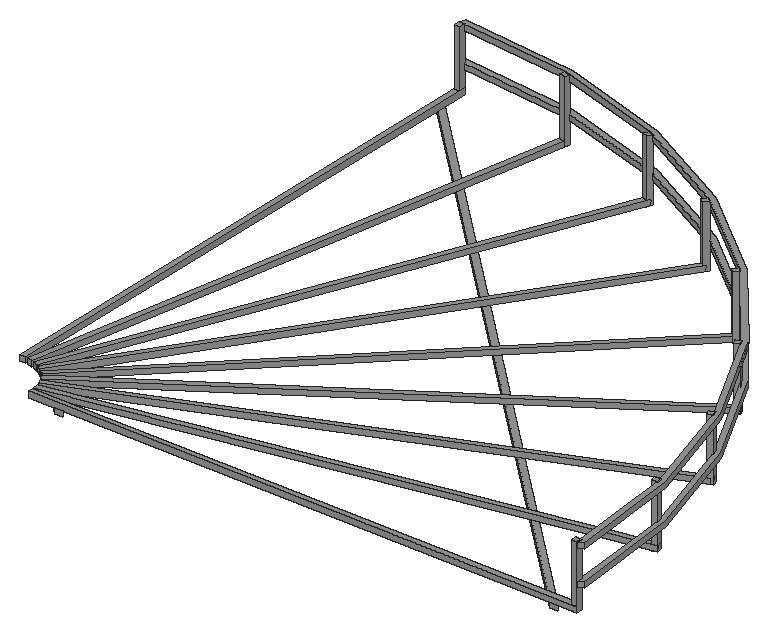
Revit family "Gitterinnenbogen 90 550", category Generic Models, Revit 2015
Parameters (values of type "GRB 90 550 G")
  URL = "http://www.obo-bettermann.com"
  Material = Steel, Galvanized
  Manufacturer Art.No. = "6001963"
  Manufacturer = "OBO Bettermann"
  GTIN = "4012196352876"
  Article Type = "GRB 90 550 G"
Types (3, lengths in mm): name | Material | Manufacturer Art.No. | GTIN | Article Type
  (no name) | Steel, Galvanized | "6001963" | "4012196352876" | "GRB 90 550 G"
  GRB 90 550 G | Steel, Galvanized | "6001963" | "4012196352876" | "GRB 90 550 G"
  GRB 90 550 FT | Steel | "6002250" | "4012196001934" | "GRB 90 550 FT"
Reference planes
  plane 1 "Center (Front/Back)": y = 0
  plane 2: z = 0
  plane 3 "Center (Left/Right)": x = 0
  plane 4: z = 4.7
  plane 5: z = -4.7
  plane 6: z = 19.4
  plane 7: z = 24.1
  plane 8: z = 49.4
  plane 9: z = 54.1
Forms (mm)
  Extrusion 1, solid, material "Steel, Galvanized" <- "Material"
    sketch origin (0, 0, 0) x (1, 0, 0) y (0, 1, 0)
      loop
        line (2.35, 33) -> (2.35, 503.5) -> (-2.35, 503.5) -> (-2.35, 33) -> (2.35, 33)
    from 0 to 4.7
  Extrusion 2, solid, material "Steel, Galvanized" <- "Material"
    sketch origin (0, 0, 0) x (1, 0, 0) y (0, 1, 0)
      loop
        line (1.139, 17.773) -> (5.749, 16.856) -> (100.533, 493.367) -> (95.923, 494.284) -> (1.139, 17.773)
    from 0 to 4.7
  Extrusion 3, solid, material "Steel, Galvanized" <- "Material"
    sketch origin (0, 0, 0) x (1, 0, 0) y (0, 1, 0)
      loop
        line (1.749, 10.099) -> (6.091, 8.301) -> (194.945, 464.236) -> (190.603, 466.034) -> (1.749, 10.099)
    from 0 to 4.7
  Extrusion 4, solid, material "Steel, Galvanized" <- "Material"
    sketch origin (0, 0, 0) x (1, 0, 0) y (0, 1, 0)
      loop
        line (6.38, 13.778) -> (10.288, 11.166) -> (281.684, 417.339) -> (277.776, 419.951) -> (6.38, 13.778)
    from 0 to 4.7
  Extrusion 5, solid, material "Steel, Galvanized" <- "Material"
    sketch origin (0, 0, 0) x (1, 0, 0) y (0, 1, 0)
      loop
        line (12.48, 15.804) -> (15.804, 12.48) -> (357.69, 354.367) -> (354.367, 357.69) -> (12.48, 15.804)
    from 0 to 4.7
  Extrusion 6, solid, material "Steel, Galvanized" <- "Material"
    sketch origin (0, 0, 0) x (1, 0, 0) y (0, 1, 0)
      loop
        line (15.324, 13.065) -> (17.935, 9.157) -> (419.951, 277.776) -> (417.339, 281.684) -> (15.324, 13.065)
    from 0 to 4.7
  Extrusion 7, solid, material "Steel, Galvanized" <- "Material"
    sketch origin (0, 0, 0) x (1, 0, 0) y (0, 1, 0)
      loop
        line (19.377, 5.483) -> (466.073, 190.51) -> (464.274, 194.852) -> (17.578, 9.825) -> (19.377, 5.483)
    from 0 to 4.7
  Extrusion 8, solid, material "Steel, Galvanized" <- "Material"
    sketch origin (0, 0, 0) x (1, 0, 0) y (0, 1, 0)
      loop
        line (19.157, 6.207) -> (20.074, 1.597) -> (494.284, 95.923) -> (493.367, 100.533) -> (19.157, 6.207)
    from 0 to 4.7
  Extrusion 9, solid, material "Steel, Galvanized" <- "Material"
    sketch origin (0, 0, 0) x (1, 0, 0) y (0, 1, 0)
      loop
        line (20, 2.35) -> (20, -2.35) -> (503.5, -2.35) -> (503.5, 2.35) -> (20, 2.35)
    from 0 to 4.7
  Extrusion 10, void
    sketch origin (0, 0, 0) x (1, 0, 0) y (0, 1, 0)
      loop
        circle (0, 0) r 33
    from 0 to 4.7
  Extrusion 11, solid, material "Steel, Galvanized" <- "Material"
    sketch origin (0, 0, 0) x (1, 0, 0) y (0, 1, 0)
      loop
        line (-2.35, 55.595) -> (55.595, -2.35) -> (62.242, -2.35) -> (-2.35, 62.242) -> (-2.35, 55.595)
      loop
        line (-2.35, 479.859) -> (479.859, -2.35) -> (486.506, -2.35) -> (-2.35, 486.506) -> (-2.35, 479.859)
    from -4.7 to 0
  Extrusion 12, solid, material "Steel, Galvanized" <- "Material"
    sketch origin (0, 0, 0) x (1, 0, 0) y (0, 1, 0)
      loop
        arc (-2.35, 503.495) -> (356.028, 356.028) -> (503.495, -2.35) r 503.5
        line (503.495, -2.35) -> (508.2, 0)
        arc (508.2, 0) -> (359.352, 359.352) -> (0, 508.2) r 508.2
        line (0, 508.2) -> (-2.35, 503.495)
    from 19.4 to 24.1
  Extrusion 13, solid, material "Steel, Galvanized" <- "Material"
    sketch origin (0, 0, 0) x (1, 0, 0) y (0, 1, 0)
      loop
        arc (-2.35, 503.495) -> (356.028, 356.028) -> (503.495, -2.35) r 503.5
        line (503.495, -2.35) -> (508.2, 0)
        arc (508.2, 0) -> (359.352, 359.352) -> (0, 508.2) r 508.2
        line (0, 508.2) -> (-2.35, 503.495)
    from 49.4 to 54.1
  Extrusion 14, solid, material "Steel, Galvanized" <- "Material"
    sketch origin (0, 0, 0) x (1, 0, 0) y (0, 1, 0)
      loop
        line (-2.35, 503.5) -> (-2.35, 498.8) -> (2.35, 498.8) -> (2.35, 503.5) -> (-2.35, 503.5)
      loop
        line (95.923, 494.284) -> (95.006, 489.674) -> (99.616, 488.757) -> (100.533, 493.367) -> (95.923, 494.284)
      loop
        line (190.603, 466.034) -> (188.804, 461.692) -> (193.147, 459.893) -> (194.945, 464.236) -> (190.603, 466.034)
      loop
        line (277.776, 419.951) -> (275.164, 416.043) -> (279.072, 413.431) -> (281.684, 417.339) -> (277.776, 419.951)
      loop
        line (354.367, 357.69) -> (351.043, 354.367) -> (354.367, 351.043) -> (357.69, 354.367) -> (354.367, 357.69)
      loop
        line (417.339, 281.684) -> (413.431, 279.072) -> (416.043, 275.164) -> (419.951, 277.776) -> (417.339, 281.684)
      loop
        line (464.274, 194.852) -> (459.932, 193.054) -> (461.73, 188.711) -> (466.073, 190.51) -> (464.274, 194.852)
      loop
        line (493.367, 100.533) -> (488.757, 99.616) -> (489.674, 95.006) -> (494.284, 95.923) -> (493.367, 100.533)
      loop
        line (503.5, -2.35) -> (503.5, 2.35) -> (498.8, 2.35) -> (498.8, -2.35) -> (503.5, -2.35)
    from 0 to 54.1
Cuts and joins
  Extrusion 10 cuts Extrusion 2
  Extrusion 10 cuts Extrusion 3
  Extrusion 10 cuts Extrusion 4
  Extrusion 10 cuts Extrusion 5
  Extrusion 10 cuts Extrusion 6
  Extrusion 10 cuts Extrusion 7
  Extrusion 10 cuts Extrusion 8
  Extrusion 10 cuts Extrusion 9
Dimensions and locks
  locked: plane 4 to level at 4.7
  locked: plane 1 "Center (Front/Back)" to Extrusion 1 sketch curve at 33
  locked: Extrusion 1 sketch curve to Extrusion 1 sketch curve at 470.5
  locked: Extrusion 1 sketch curve to Extrusion 1 sketch curve at 4.7
  locked: Extrusion 1 sketch curve to plane 3 "Center (Left/Right)" at 2.35
  plane 3 "Center (Left/Right)" to Extrusion 1 = 2.35 mm
  locked: Extrusion 2 sketch curve to Extrusion 2 sketch curve at 4.7
  locked: plane 3 "Center (Left/Right)" to Extrusion 2 sketch curve at 17.654
  locked: plane 3 "Center (Left/Right)" to Extrusion 2 sketch curve at 503.5
  locked: Extrusion 3 sketch curve to Extrusion 3 sketch curve at 4.7
  locked: plane 3 "Center (Left/Right)" to Extrusion 3 sketch curve at 10
  locked: Extrusion 3 sketch curve to plane 3 "Center (Left/Right)" at 503.5
  locked: Extrusion 4 sketch curve to Extrusion 4 sketch curve at 4.7
  locked: plane 3 "Center (Left/Right)" to Extrusion 4 sketch curve at 15
  locked: Extrusion 4 sketch curve to plane 3 "Center (Left/Right)" at 503.5
  locked: Extrusion 5 sketch curve to Extrusion 5 sketch curve at 4.7
  locked: plane 3 "Center (Left/Right)" to Extrusion 5 sketch curve at 20
  locked: Extrusion 5 sketch curve to plane 3 "Center (Left/Right)" at 503.5
  locked: Extrusion 6 sketch curve to Extrusion 6 sketch curve at 4.7
  locked: plane 3 "Center (Left/Right)" to Extrusion 6 sketch curve at 20
  locked: Extrusion 6 sketch curve to plane 3 "Center (Left/Right)" at 503.5
  locked: Extrusion 7 sketch curve to Extrusion 7 sketch curve at 4.7
  locked: Extrusion 7 sketch curve to plane 3 "Center (Left/Right)" at 20
  locked: plane 3 "Center (Left/Right)" to Extrusion 7 sketch curve at 503.5
  locked: Extrusion 8 sketch curve to Extrusion 8 sketch curve at 4.7
  locked: plane 3 "Center (Left/Right)" to Extrusion 8 sketch curve at 20
  locked: Extrusion 8 sketch curve to plane 3 "Center (Left/Right)" at 503.5
  locked: Extrusion 9 sketch curve to Extrusion 9 sketch curve at 4.7
  locked: plane 1 "Center (Front/Back)" to Extrusion 9 sketch curve at 2.35
  locked: plane 3 "Center (Left/Right)" to Extrusion 9 sketch curve at 20
  locked: plane 3 "Center (Left/Right)" to Extrusion 9 sketch curve at 503.5
  locked: Extrusion 11 sketch curve to Extrusion 11 sketch curve at 4.7  (x2)
  locked: level to plane 5 at 4.7
  locked: Extrusion 11 sketch curve to Extrusion 11 sketch curve at 295.3
  locked: plane 3 "Center (Left/Right)" to Extrusion 11 sketch curve at 37.65
  locked: plane 7 to plane 6 at 4.7
  locked: plane 6 to level at 19.4
  locked: plane 8 to plane 7 at 25.3
  locked: plane 9 to plane 8 at 4.7
  Extrusion 1 to Extrusion 14 sketch curve = 4.7 mm
  locked: cut or joined group of Extrusion 2, Extrusion 10 to Extrusion 14 sketch curve at 4.7
  locked: cut or joined group of Extrusion 3, Extrusion 10 to Extrusion 14 sketch curve at 4.7
  locked: cut or joined group of Extrusion 4, Extrusion 10 to Extrusion 14 sketch curve at 4.7
  locked: cut or joined group of Extrusion 5, Extrusion 10 to Extrusion 14 sketch curve at 4.7
  locked: cut or joined group of Extrusion 6, Extrusion 10 to Extrusion 14 sketch curve at 4.7
  locked: cut or joined group of Extrusion 7, Extrusion 10 to Extrusion 14 sketch curve at 4.7
  locked: cut or joined group of Extrusion 8, Extrusion 10 to Extrusion 14 sketch curve at 4.7
  locked: Extrusion 14 sketch curve to cut or joined group of Extrusion 9, Extrusion 10 at 4.7
  radius of Extrusion 10 sketch curve = 33 mm
  radius of Extrusion 13 sketch curve = 503.5 mm
  locked: Extrusion 2 sketch curve to Extrusion 1 (angle 11.25°)
  locked: Extrusion 3 sketch curve to Extrusion 2 (angle 11.25°)
  locked: Extrusion 4 sketch curve to Extrusion 3 (angle 11.25°)
  locked: Extrusion 5 sketch curve to Extrusion 4 (angle 11.25°)
  locked: Extrusion 6 sketch curve to Extrusion 5 (angle 11.25°)
  locked: Extrusion 7 sketch curve to Extrusion 6 (angle 11.25°)
  locked: Extrusion 8 sketch curve to Extrusion 7 (angle 11.25°)
  locked: plane 3 "Center (Left/Right)" to Extrusion 11 sketch curve (angle 45.00°)  (x2)
  aligned and locked: level to plane 2
  aligned and locked: Extrusion 1 to level
  aligned and locked: plane 4 to Extrusion 1
  aligned and locked: plane 4 to Extrusion 2
  aligned and locked: Extrusion 2 to level
  aligned and locked: plane 4 to Extrusion 3
  aligned and locked: Extrusion 3 to level
  aligned and locked: Extrusion 4 to plane 4
  aligned and locked: Extrusion 4 to level
  aligned and locked: Extrusion 5 to plane 4
  aligned and locked: Extrusion 5 to level
  aligned and locked: Extrusion 6 to plane 4
  aligned and locked: Extrusion 6 to level
  aligned and locked: Extrusion 7 to plane 4
  aligned and locked: Extrusion 7 to level
  aligned and locked: Extrusion 8 to plane 4
  aligned and locked: Extrusion 8 to level
  aligned and locked: Extrusion 9 to plane 4
  aligned and locked: Extrusion 9 to level
  aligned and locked: Extrusion 10 to level
  aligned and locked: plane 4 to Extrusion 10
  aligned and locked: Extrusion 1 to Extrusion 11 sketch curve  (x2)
  aligned and locked: cut or joined group of Extrusion 9, Extrusion 10 to Extrusion 11 sketch curve  (x2)
  aligned and locked: Extrusion 11 to plane 5
  aligned and locked: level to Extrusion 11
  aligned and locked: Extrusion 12 to plane 6
  aligned and locked: plane 7 to Extrusion 12
  aligned and locked: Extrusion 13 to plane 8
  aligned and locked: plane 9 to Extrusion 13
  aligned and locked: Extrusion 14 sketch curve to Extrusion 1  (x2)
  aligned and locked: Extrusion 14 sketch curve to cut or joined group of Extrusion 2, Extrusion 10  (x3)
  aligned and locked: Extrusion 14 sketch curve to cut or joined group of Extrusion 3, Extrusion 10  (x3)
  aligned and locked: Extrusion 14 sketch curve to cut or joined group of Extrusion 4, Extrusion 10  (x3)
  aligned and locked: Extrusion 14 sketch curve to cut or joined group of Extrusion 5, Extrusion 10  (x3)
  aligned and locked: Extrusion 14 sketch curve to cut or joined group of Extrusion 6, Extrusion 10  (x3)
  aligned and locked: Extrusion 14 sketch curve to cut or joined group of Extrusion 7, Extrusion 10  (x3)
  aligned and locked: Extrusion 14 sketch curve to cut or joined group of Extrusion 8, Extrusion 10  (x3)
  aligned and locked: Extrusion 14 sketch curve to cut or joined group of Extrusion 9, Extrusion 10  (x2)
  aligned and locked: cut or joined group of Extrusion 9, Extrusion 10 to Extrusion 14 sketch curve
  aligned and locked: Extrusion 14 to level
  aligned and locked: plane 9 to Extrusion 14
  aligned and locked: cut or joined group of Extrusion 9, Extrusion 10 to Extrusion 13 sketch curve
  aligned and locked: Extrusion 1 to Extrusion 13 sketch curve
  aligned and locked: plane 3 "Center (Left/Right)" to Extrusion 13 sketch curve
  aligned and locked: plane 1 "Center (Front/Back)" to Extrusion 13 sketch curve
  aligned and locked: Extrusion 12 sketch curve to Extrusion 13  (x4)
